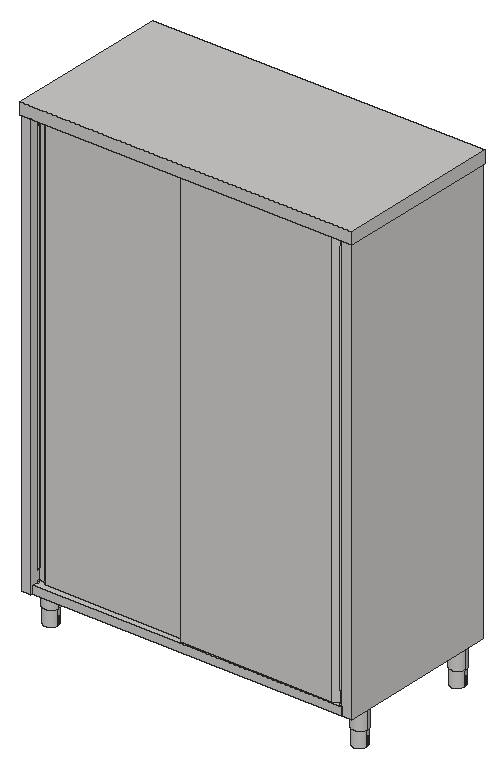
Revit family "QF_ZANUSSI_132801_MAS1400SPN", category Attrezzature speciali, Revit 2020
Family settings
  Quota connettore circolare = Usa diametro
  Tipo di parte = Normale
  Basato su piano di lavoro = No
  Sempre verticale = Sì
  Taglio con vuoti quando caricato = No
  Condiviso = No
  Punto di calcolo locali = No
Parameters (values of type "Standard")
  Weight = 120.00 kg
  Watts = 0 W
  Volts = 0 V
  URL Manufacturer = "http://www.zanussiprofessional.com"
  URL = "http://www.zanussiprofessional.com"
  Steam Supply Size = 0 mm
  Steam Supply Minimum Pressure = 0.0 Pa
  Steam Supply Maximum Pressure = 0.0 Pa
  Steam Consumption per Hour = 0
  Refrigeration Suction Line Size = 0.0 mm
  Refrigeration Liquid Line Size = 0.0 mm
  Refrigerant Compressor Remote = yes
  Prospetto di default = 0.0 mm
  Phase = 0
  Modello = "MAS1400SPN"
  Produttore = "Zanussi"
  Length Actual = 1400.0 mm  # constant formula
  Item Number = "132801"
  Hot Water Size = 0 mm
  Height Actual = 2000.0 mm  # constant formula
  HP = "0 HP"
  Gas Size = 0 mm
  Gas KW = 0
  Gas Input Pressure = 0 W
  Direct Waste Size = 0 mm
  Descrizione = "STORAGE CABINET+SHELVES+SLIDING D.1400MM"
  Depth Actual = 700.0 mm  # constant formula
  Cycle = 0 Hz
  Condensate Return Size = 0 mm
  Compressed Air Volume = 0.0 L/s
  Compressed Air Size = 0 mm
  Compressed Air Pressure = 0.0 Pa
  Cold Water Size = 0 mm
  Accessory = yes
Reference planes
  plane 1 "Center (Front/Back)": y = 0
  plane 2: z = 0
  plane 3 "Center (Left/Right)": x = -300
  plane 4 "LEFT": x = -1000
  plane 5 "RIGHT": x = 400
  plane 6 "BACK": y = 350
  plane 7 "FRONT": y = -350
  plane 8 "TOP": z = 2000
  plane 9: x = -952
  plane 10: x = 352
  plane 11: y = 270
  plane 12: y = -247
  plane 13 "FEET": z = 150
  plane 14: x = -954.5
  plane 15: y = -344.5
  plane 16: x = 354.5
  plane 17: x = -326.5
  plane 18: x = -273.5
  plane 19 "BaseTop": z = 1950
  plane 20: x = -994.5
  plane 21: x = 394.5
  plane 22: y = 344.5
Forms (mm)
  Extrusion 1, solid, material "QF_Finishes_Stainless Steel"
    sketch origin (0, 0, 150) x (-1, 0, 0) y (0, -1, 0)
      loop
        line (994.5, -350) -> (994.5, 350) -> (954.5, 350) -> (954.5, -350) -> (994.5, -350)
      loop
        line (-354.5, -350) -> (-354.5, 344.5) -> (-394.5, 344.5) -> (-394.5, -350) -> (-354.5, -350)
    from 0 to 1800
  Extrusion 2, solid, material "QF_Finishes_Stainless Steel"
    sketch origin (0, 0, 150) x (-1, 0, 0) y (0, -1, 0)
      loop
        line (954.5, -347) -> (954.5, 344.5) -> (-354.5, 344.5) -> (-354.5, -347) -> (954.5, -347)
    from 0 to 35
  Extrusion 3, solid, material "QF_Finishes_Stainless Steel"
    sketch origin (33, 0, 150) x (-1, 0, 0) y (0, -1, 0)
      loop
        line (306.5, 324.5) -> (306.5, 304.5) -> (985, 304.5) -> (985, 319.071) -> (977.942, 326.129) -> (976.312, 324.5) -> (983, 317.812) -> (983, 309.5) -> (966.034, 309.5) -> (946.034, 324.5) -> (306.5, 324.5)
    from 1800 to 40
  Extrusion 4, void
    sketch origin (0, -350, 0) x (-1, 0, 0) y (0, 0, 1)
      loop
        line (942.418, 247.973) -> (942.418, 191.4) -> (954.5, 191.4) -> (954.5, 229.369) -> (942.418, 247.973)
      loop
        line (942.418, 1916.627) -> (954.5, 1935.231) -> (954.5, 1950) -> (942.418, 1950) -> (942.418, 1916.627)
    from 20.5 to 40.5
  Extrusion 5, solid, material "QF_Finishes_Stainless Steel"
    sketch origin (0, 0, 150) x (-1, 0, 0) y (0, -1, 0)
      loop
        line (-354.5, -350) -> (954.5, -350) -> (954.5, -327) -> (-354.5, -327) -> (-354.5, -350)
    from 1800 to 35
  Extrusion 6, solid, material "QF_Finishes_Stainless Steel"
    sketch origin (0, 0, 1950) x (-1, 0, 0) y (0, -1, 0)
      loop
        line (1000, 350) -> (-400, 350) -> (-400, -350) -> (1000, -350) -> (1000, 350)
    from 0 to 50
  Extrusion 7, solid, material "QF_Finishes_Stainless Steel"
    sketch origin (-633, 0, 150) x (1, 0, 0) y (0, 1, 0)
      loop
        line (306.5, -344.5) -> (946.034, -344.5) -> (966.034, -329.5) -> (983, -329.5) -> (983, -337.812) -> (976.312, -344.5) -> (977.942, -346.129) -> (985, -339.071) -> (985, -324.5) -> (306.5, -324.5) -> (306.5, -344.5)
    from 1800 to 40
  Extrusion 8, void
    sketch origin (-600, -350, 0) x (1, 0, 0) y (0, 0, -1)
      loop
        line (942.418, -247.973) -> (954.5, -229.369) -> (954.5, -191.4) -> (942.418, -191.4) -> (942.418, -247.973)
      loop
        line (942.418, -1916.627) -> (942.418, -1950) -> (954.5, -1950) -> (954.5, -1935.231) -> (942.418, -1916.627)
    from 2.538 to 20.5
Cuts and joins
  Extrusion 4, Extrusion 8 cuts Extrusion 3
  Extrusion 8 cuts Extrusion 1
  Extrusion 8 cuts Extrusion 7
Lines and regions (mm)
  symbolic lines, style "SpecialityEquipmentHiddenLines"
    curve 1: line (-951.5, -324.5, 1600) -> (-951.5, -329.5, 1600)
    curve 6: line (-1000, -350, 1950) -> (400, 350, 1950)
    curve 7: line (-326.5, -324.5, 200) -> (-326.5, -344.5, 200)
    curve 8: line (-952, -304.5, 1950) -> (-273.5, -304.5, 1950)
    curve 9: line (-273.5, -304.5, 1950) -> (-273.5, -324.5, 1950)
    curve 10: line (-273.5, -324.5, 1950) -> (-913.034, -324.5, 1950)
    curve 11: line (-913.034, -324.5, 1950) -> (-933.034, -309.5, 1950)
    curve 12: line (-933.034, -309.5, 1950) -> (-952, -309.5, 1950)
    curve 13: line (-952, -309.5, 1950) -> (-952, -304.5, 1950)
    curve 14: line (-326.5, -344.5, 1950) -> (313.034, -344.5, 1950)
    curve 15: line (313.034, -344.5, 1950) -> (333.034, -329.5, 1950)
    curve 16: line (333.034, -329.5, 1950) -> (352, -329.5, 1950)
    curve 17: line (352, -329.5, 1950) -> (352, -324.5, 1950)
    curve 18: line (352, -324.5, 1950) -> (-273.5, -324.5, 1950)
  symbolic lines, style "SpecialityEquipment"
    curve 2: line (-1000, 350, 1950) -> (400, 350, 1950)
    curve 3: line (-1000, -350, 1950) -> (-1000, 350, 1950)
    curve 4: line (400, -350, 1950) -> (-1000, -350, 1950)
    curve 5: line (400, 350, 1950) -> (400, -350, 1950)
Dimensions and locks
  plane 4 "LEFT" to plane 5 "RIGHT" = 1400.0 mm
  equal spacing: plane 4 "LEFT", plane 3 "Center (Left/Right)", plane 5 "RIGHT"
  plane 6 "BACK" to plane 7 "FRONT" = 700.0 mm
  equal spacing: plane 6 "BACK", plane 1 "Center (Front/Back)", plane 7 "FRONT"
  locked: plane 13 "FEET" to level at 150
  locked: plane 4 "LEFT" to plane 9 at 48
  locked: plane 10 to plane 5 "RIGHT" at 48
  locked: plane 6 "BACK" to plane 11 at 80
  locked: plane 12 to plane 7 "FRONT" at 103
  locked: plane 8 "TOP" to level at 2000
  locked: plane 17 to plane 18 at 53
  equal spacing: plane 17, plane 3 "Center (Left/Right)", plane 18
  locked: plane 8 "TOP" to plane 19 "BaseTop" at 50
  plane 4 "LEFT" to plane 20 = 5.5 mm
  locked: plane 20 to plane 14 at 40
  locked: plane 16 to plane 21 at 40
  locked: plane 21 to plane 5 "RIGHT" at 5.5
  plane 15 to plane 7 "FRONT" = 5.5 mm  (x2)
  plane 6 "BACK" to plane 22 = 5.5 mm
  aligned and locked: level to plane 2
  aligned and locked: plane 9 to nested 1
  aligned and locked: plane 10 to nested 2
  aligned and locked: nested 4 to plane 11
  aligned and locked: plane 9 to nested 3
  aligned and locked: nested 3 to plane 11
  aligned and locked: plane 6 "BACK" to Extrusion 1 sketch curve
  aligned and locked: Extrusion 1 sketch curve to plane 6 "BACK"
  aligned and locked: Extrusion 1 sketch curve to plane 7 "FRONT"
  aligned and locked: plane 14 to Extrusion 1
  aligned and locked: Extrusion 2 to plane 14
  aligned and locked: Extrusion 2 to plane 15
  aligned and locked: nested 1 to plane 12
  aligned and locked: nested 2 to plane 12
  aligned and locked: Extrusion 2 sketch curve to plane 16
  aligned and locked: plane 18 to Extrusion 3
  aligned and locked: nested 4 to nested 2
  aligned and locked: plane 16 to Extrusion 5
  aligned and locked: Extrusion 5 to plane 14
  aligned and locked: plane 19 "BaseTop" to Extrusion 3
  aligned and locked: plane 19 "BaseTop" to Extrusion 5
  aligned and locked: plane 19 "BaseTop" to cut or joined group of Extrusion 7, Extrusion 8
  aligned and locked: plane 19 "BaseTop" to cut or joined group of Extrusion 1, Extrusion 8
Automatic sketch dimensions
  Extrusion 1 sketch curve to plane 15 = 0.0 mm
  Extrusion 1 sketch curve to plane 21 = 0.0 mm
  Extrusion 1 sketch curve to plane 16 = 0.0 mm
  Extrusion 1 sketch curve to plane 14 = 0.0 mm
  Extrusion 1 sketch curve to plane 20 = 0.0 mm
  Extrusion 2 sketch curve to plane 14 = 0.0 mm
  Extrusion 2 sketch curve to plane 15 = 0.0 mm
  plane 22 to Extrusion 2 sketch curve = 2.5 mm
  Extrusion 3 sketch curve to plane 18 = 0.0 mm
  plane 15 to Extrusion 3 sketch curve = 20.0 mm  (x2)
  Extrusion 3 sketch curve to plane 9 = 0.0 mm
  plane 9 to Extrusion 3 sketch curve = 38.966 mm
  plane 9 to Extrusion 3 sketch curve = 18.966 mm
  plane 9 to Extrusion 3 sketch curve = 8.688 mm
  plane 15 to Extrusion 3 sketch curve = 18.371 mm
  Extrusion 3 sketch curve to Extrusion 3 sketch curve = 1.629 mm
  plane 9 to Extrusion 3 sketch curve = 2.0 mm
  plane 15 to Extrusion 3 sketch curve = 35.0 mm
  Extrusion 3 sketch curve to Extrusion 3 sketch curve = 5.0 mm
  plane 9 to curve 1 = 0.5 mm
  plane 15 to curve 1 = 15.0 mm
  curve 1 to curve 1 = 5.0 mm
  curve 7 to plane 15 = 0.0 mm
  curve 7 to plane 17 = 0.0 mm
  plane 15 to curve 7 = 20.0 mm
  Extrusion 5 sketch curve to plane 6 "BACK" = 0.0 mm
  Extrusion 5 sketch curve to plane 16 = 0.0 mm
  Extrusion 5 sketch curve to plane 14 = 0.0 mm
  plane 22 to Extrusion 5 sketch curve = 17.5 mm
  Extrusion 6 sketch curve to plane 5 "RIGHT" = 0.0 mm
  Extrusion 6 sketch curve to plane 4 "LEFT" = 0.0 mm
  Extrusion 6 sketch curve to plane 6 "BACK" = 0.0 mm
  Extrusion 6 sketch curve to plane 7 "FRONT" = 0.0 mm
  Extrusion 7 sketch curve to plane 17 = 0.0 mm
  Extrusion 7 sketch curve to plane 15 = 0.0 mm  (x2)
  Extrusion 7 sketch curve to plane 10 = 0.0 mm
  plane 10 to Extrusion 7 sketch curve = 38.966 mm
  plane 10 to Extrusion 7 sketch curve = 18.966 mm
  plane 10 to Extrusion 7 sketch curve = 8.688 mm
  plane 15 to Extrusion 7 sketch curve = 1.629 mm
  Extrusion 7 sketch curve to Extrusion 7 sketch curve = 1.629 mm
  plane 10 to Extrusion 7 sketch curve = 2.0 mm
  Extrusion 7 sketch curve to plane 15 = 15.0 mm
  Extrusion 7 sketch curve to Extrusion 7 sketch curve = 5.0 mm
  Extrusion 4 sketch curve to plane 19 "BaseTop" = 0.0 mm
  Extrusion 4 sketch curve to plane 14 = 0.0 mm  (x2)
  plane 9 to Extrusion 4 sketch curve = 9.582 mm  (x2)
  Extrusion 4 sketch curve to plane 19 "BaseTop" = 14.769 mm
  plane 13 "FEET" to Extrusion 4 sketch curve = 97.973 mm
  Extrusion 4 sketch curve to Extrusion 4 sketch curve = 18.604 mm  (x2)
  Extrusion 4 sketch curve to Extrusion 4 sketch curve = 37.969 mm
  Extrusion 8 sketch curve to plane 19 "BaseTop" = 0.0 mm
  plane 16 to Extrusion 8 sketch curve = 0.0 mm
  plane 10 to Extrusion 8 sketch curve = 9.582 mm  (x2)
  Extrusion 8 sketch curve to Extrusion 8 sketch curve = 18.604 mm  (x2)
  Extrusion 8 sketch curve to Extrusion 8 sketch curve = 37.969 mm
  Extrusion 8 sketch curve to plane 16 = 0.0 mm
  plane 19 "BaseTop" to Extrusion 8 sketch curve = 14.769 mm
  Extrusion 8 sketch curve to plane 13 "FEET" = 97.973 mm
  curve 6 to plane 5 "RIGHT" = 0.0 mm
  curve 17 to plane 10 = 0.0 mm
  curve 14 to plane 15 = 0.0 mm
  curve 10 to plane 18 = 0.0 mm
  curve 14 to plane 17 = 0.0 mm
  curve 12 to plane 9 = 0.0 mm
  curve 4 to plane 4 "LEFT" = 0.0 mm
  curve 2 to plane 6 "BACK" = 0.0 mm
  curve 5 to plane 7 "FRONT" = 0.0 mm
  curve 16 to plane 10 = 18.966 mm
  curve 15 to curve 14 = 20.0 mm
  plane 9 to curve 10 = 38.966 mm
  curve 12 to curve 12 = 18.966 mm
  curve 8 to curve 12 = 5.0 mm
  curve 8 to curve 10 = 20.0 mm
  plane 15 to curve 17 = 15.0 mm
  curve 17 to curve 16 = 5.0 mm
Nested families
  nested 1: "FEET_D60-150" at (-952, -247, 0), type "FEET_D60-150"
  nested 2: "FEET_D60-150" at (352, -247, 0), type "FEET_D60-150"
  nested 3: "FEET_D60-150" at (-952, 270, 0), type "FEET_D60-150"
  nested 4: "FEET_D60-150" at (352, 270, 0), type "FEET_D60-150"
Definition of nested family "FEET_D60-150"
  Parameters
    Default Elevation = 0.0 mm
    FEET = 150.0 mm
  Reference planes
    plane 1 "Center (Front/Back)": y = 0
    plane 2: z = 0
    plane 3 "Center (Left/Right)": x = 0
    plane 4: z = 150
  Forms (mm)
    Extrusion 1, solid
      sketch origin (0, 0, 0) x (1, 0, 0) y (0, 1, 0)
        loop
          circle (0, 0) r 28
      from 0 to 67
    Revolve 2, solid
      sketch origin (0, 0, 0) x (1, 0, 0) y (0, 0, 1)
        loop
          line (0, 0) -> (0, 150) -> (-32.939, 150) -> (-32.939, 67) -> (-30, 67) -> (-30, 0) -> (0, 0)
        axis (0, 150) -> (0, 0)
      angle from 0 to 360
  Lines and regions (mm)
    symbolic lines
      curve 1: line (0, -1.503, 0) -> (0, 1.508, 0)
      curve 2: line (1.561, 0, 0) -> (-1.439, 0, 0)
  Dimensions and locks
    "FEET": plane 4 to plane 2
    aligned and locked: level to plane 2
  Automatic sketch dimensions
    plane 1 "Center (Front/Back)" to Extrusion 1 sketch curve = 0.0 mm
    Extrusion 1 sketch curve to plane 3 "Center (Left/Right)" = 0.0 mm
    plane 1 "Center (Front/Back)" to curve 2 = 0.0 mm
    curve 1 to plane 3 "Center (Left/Right)" = 0.0 mm
    curve 2 to plane 3 "Center (Left/Right)" = 1.439 mm
    plane 3 "Center (Left/Right)" to curve 2 = 1.561 mm
    plane 1 "Center (Front/Back)" to curve 1 = 1.503 mm
    curve 1 to plane 1 "Center (Front/Back)" = 1.508 mm
    Revolve 2 sketch curve to plane 4 = 0.0 mm
    Revolve 2 sketch curve to level = 0.0 mm
    Revolve 2 sketch curve to plane 3 "Center (Left/Right)" = 0.0 mm  (x2)
    Revolve 2 sketch curve to plane 3 "Center (Left/Right)" = 30.0 mm
    Revolve 2 sketch curve to plane 3 "Center (Left/Right)" = 32.939 mm
    level to Revolve 2 sketch curve = 67.0 mm
    Revolve 2 sketch curve to level = 42.207 mm
    Revolve 2 sketch curve to Revolve 2 sketch curve = 10.0 mm
    radius of Extrusion 1 sketch curve = 28.0 mm
